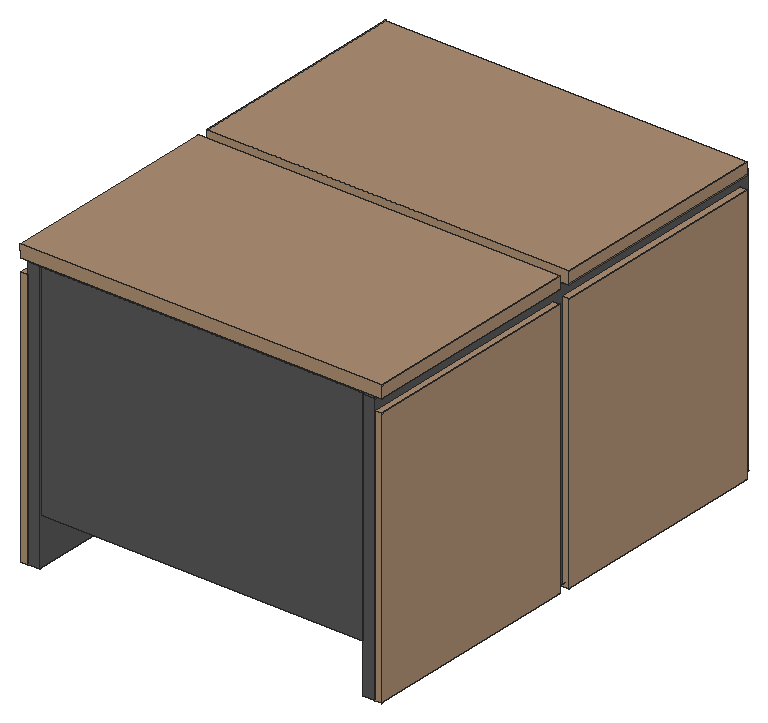
Revit family "Sanitary_Compound-Units_hansgrohe_54248XXX-Xilesa-E-Vanity-unit_480-380_2-drawers_handrise-basin", category Furniture, host Face, Revit 2022
Family settings
  Host = Face
  OmniClass Number = 23.21.19.15.33.13
  OmniClass Title = Residential Bathroom Specialty Casework
  Cut with Voids When Loaded = No
  Render Appearance Source = Family Geometry
  Shared = No
  Room Calculation Point = No
Parameters (values of type "550 Cashmere Oak")
  Version = 1  # constant formula
  URL = "https://www.hansgrohe.com/"
  Product data url = "https://www.bimobject.com/en/hansgrohe/product/54248XXX"
  Product Page URL = "https://www.hansgrohe.com/articledetail--54248550"
  Model = "54248XXX"  # constant formula
  Material 3 = Hansgrohe - Metal - Black
  Material 2 = Hansgrohe - MDF - Matt Black
  Material 1 = Hansgrohe - MDF - 550 Cashmere Oak
  Manufacturer = "Hansgrohe"  # constant formula
  Height = 0 mm
  Description = "Xilesa E Vanity unit 480/380 with 2 drawers for handrinse basin"  # constant formula
  Default Elevation = 0 mm
  Date Updated = ""
  Date Created = "2024/02/03"  # constant formula
Types (5, lengths in mm): name | Material 1
  (no name) | Hansgrohe - MDF - 550 Cashmere Oak
  550 Cashmere Oak | Hansgrohe - MDF - 550 Cashmere Oak
  700 Matt White | Hansgrohe - MDF - 700 Matt White
  760 Slate Matt Grey | Hansgrohe - MDF - 760 Slate Matt Grey
  780 Sand Matt Beige | Hansgrohe - MDF - 780 Sand Matt Beige
Reference planes
  plane 1 "Center (Front/Back)": y = 0
  plane 2: z = 0
  plane 3 "Center (Left/Right)": x = 0
  plane 4: x = -240
  plane 5: x = 240
  plane 6: y = -620
  plane 7: z = 378.104
Dimensions and locks
  aligned and locked: plane 2 to host face
  aligned and locked: level to host face
Nested families
  nested 1: "54248XXX" at (0, -620, 0) x (1, 0, 0) z (0, 1, 0), Material 1 <- "Material 1", Material 2 <- "Material 2", Material 3 <- "Material 3", type "54248XXX"
    with Material 3 Hansgrohe - Metal - Black, Material 2 Hansgrohe - MDF - Matt Black, Material 1 Hansgrohe - MDF - 550 Cashmere Oak
Definition of nested family "54248XXX"
  Parameters (values of type "54248XXX")
    Version = 1  # constant formula
    URL = "https://www.hansgrohe.com/"
    Product data url = "https://www.bimobject.com/en/hansgrohe/product/54248XXX"
    Product Page URL = "https://www.hansgrohe.com/articledetail--54248550"
    Model = "54248XXX"  # constant formula
    Material 3 [instance] = none
    Material 2 [instance] = none
    Material 1 [instance] = none
    Manufacturer = "Hansgrohe"  # constant formula
    Description = "Xilesa E Vanity unit 480/380 with 2 drawers for handrinse basin"  # constant formula
    Default Elevation = 1219.2 mm
    Date Updated = ""
    Date Created = "2024/12/16"  # constant formula
  Reference planes
    plane 1 "Center (Front/Back)": y = 0
    plane 2: z = 0
    plane 3 "Center (Left/Right)": x = 0
  Forms (mm)
    Extrusion 1, solid, material <- "Material 1", detail levels medium+fine
      sketch origin (0, 0, 0) x (1, 0, 0) y (0, 1, 0)
        loop
          line (-230.6, 0) -> (-239.2, 0)
          arc (-239.2, 0) -> (-239.766, -0.234) -> (-240, -0.8) r 0.8
          line (-240, -0.8) -> (-240, -343.9)
          arc (-240, -343.9) -> (-239.766, -344.466) -> (-239.2, -344.7) r 0.8
          line (-239.2, -344.7) -> (-230.6, -344.7)
          arc (-230.6, -344.7) -> (-230.034, -344.466) -> (-229.8, -343.9) r 0.8
          line (-229.8, -343.9) -> (-229.8, -0.8)
          arc (-229.8, -0.8) -> (-230.034, -0.234) -> (-230.6, 0) r 0.8
        loop
          arc (230.6, 0) -> (230.034, -0.234) -> (229.8, -0.8) r 0.8
          line (229.8, -0.8) -> (229.8, -343.9)
          arc (229.8, -343.9) -> (230.034, -344.466) -> (230.6, -344.7) r 0.8
          line (230.6, -344.7) -> (239.2, -344.7)
          arc (239.2, -344.7) -> (239.766, -344.466) -> (240, -343.9) r 0.8
          line (240, -343.9) -> (240, -0.8)
          arc (240, -0.8) -> (239.766, -0.234) -> (239.2, 0) r 0.8
          line (239.2, 0) -> (230.6, 0)
      from 0 to 295
    Extrusion 2, solid, material <- "Material 1", detail levels medium+fine
      sketch origin (0, 0, 0) x (1, 0, 0) y (0, 1, 0)
        loop
          line (-239.2, -378) -> (239.2, -378)
          arc (239.2, -378) -> (239.766, -377.766) -> (240, -377.2) r 0.8
          line (240, -377.2) -> (240, -362.5)
          arc (240, -362.5) -> (239.766, -361.934) -> (239.2, -361.7) r 0.8
          line (239.2, -361.7) -> (-239.2, -361.7)
          arc (-239.2, -361.7) -> (-239.766, -361.934) -> (-240, -362.5) r 0.8
          line (-240, -362.5) -> (-240, -377.2)
          arc (-240, -377.2) -> (-239.766, -377.766) -> (-239.2, -378) r 0.8
      from 0 to 295
    Extrusion 3, solid, material <- "Material 2", detail levels medium+fine
      sketch origin (0, 0, 0) x (1, 0, 0) y (0, 1, 0)
        loop
          line (-229.8, -0.8) -> (-229.8, -358.9)
          arc (-229.8, -358.9) -> (-229.566, -359.466) -> (-229, -359.7) r 0.8
          line (-229, -359.7) -> (-214.6, -359.7)
          arc (-214.6, -359.7) -> (-214.034, -359.466) -> (-213.8, -358.9) r 0.8
          line (-213.8, -358.9) -> (-213.8, -0.8)
          arc (-213.8, -0.8) -> (-214.034, -0.234) -> (-214.6, 0) r 0.8
          line (-214.6, 0) -> (-229, 0)
          arc (-229, 0) -> (-229.566, -0.234) -> (-229.8, -0.8) r 0.8
        loop
          arc (229.8, -0.8) -> (229.566, -0.234) -> (229, 0) r 0.8
          line (229, 0) -> (214.6, 0)
          arc (214.6, 0) -> (214.034, -0.234) -> (213.8, -0.8) r 0.8
          line (213.8, -0.8) -> (213.8, -358.9)
          arc (213.8, -358.9) -> (214.034, -359.466) -> (214.6, -359.7) r 0.8
          line (214.6, -359.7) -> (229, -359.7)
          arc (229, -359.7) -> (229.566, -359.466) -> (229.8, -358.9) r 0.8
          line (229.8, -358.9) -> (229.8, -0.8)
      from 0 to 620
    Extrusion 4, solid, material <- "Material 2", detail levels fine
      sketch origin (0, 0, 0) x (1, 0, 0) y (0, 1, 0)
        loop
          line (-213.8, -65.2) -> (-213.8, -81.2) -> (213.8, -81.2) -> (213.8, -65.2) -> (-213.8, -65.2)
      from 17 to 125
    Extrusion 5, solid, material <- "Material 2", detail levels fine
      sketch origin (0, 0, 0) x (1, 0, 0) y (0, 1, 0)
        loop
          line (-213.8, -64.7) -> (-213.8, -359.7) -> (213.8, -359.7) -> (213.8, -64.7) -> (-213.8, -64.7)
      from 1 to 17
    Extrusion 6, solid, material <- "Material 2", detail levels fine
      sketch origin (0, 0, 0) x (1, 0, 0) y (0, 1, 0)
        loop
          line (-212.3, -356.9) -> (-212.3, -329.2) -> (-213.8, -329.2) -> (-213.8, -356.9)
          arc (-213.8, -356.9) -> (-213.126, -358.527) -> (-211.5, -359.2) r 2.3
          line (-211.5, -359.2) -> (211.5, -359.2)
          arc (211.5, -359.2) -> (213.126, -358.527) -> (213.8, -356.9) r 2.3
          line (213.8, -356.9) -> (213.8, -329.2) -> (212.3, -329.2) -> (212.3, -356.9)
          arc (212.3, -356.9) -> (212.066, -357.466) -> (211.5, -357.7) r 0.8
          line (211.5, -357.7) -> (-211.5, -357.7)
          arc (-211.5, -357.7) -> (-212.066, -357.466) -> (-212.3, -356.9) r 0.8
      from 569.5 to 619.5
    Extrusion 7, solid, material <- "Material 3", detail levels fine
      sketch origin (0, 0, 1) x (1, 0, 0) y (0, 0, 1)
        loop
          line (198.3, 213.03) -> (198.3, 231.03) -> (183.3, 231.03) -> (183.3, 224.03) -> (192.95, 224.03) -> (192.95, 213.03) -> (198.3, 213.03)
      from 88.7 to 271.7
    Extrusion 8, solid, material <- "Material 3", detail levels fine
      sketch origin (0, 0, 1) x (1, 0, 0) y (0, 0, 1)
        loop
          line (200.05, 211.28) -> (200.05, 232.78) -> (181.55, 232.78) -> (181.55, 211.28) -> (200.05, 211.28)
      from 361.7 to 271.7
    Extrusion 9, solid, material <- "Material 3", detail levels fine
      sketch origin (0, 0, 1) x (1, 0, 0) y (0, 0, 1)
        loop
          line (-192.5, 223.8) -> (-192.5, 113.608) -> (-198.2, 97.947) -> (-198.2, 48) -> (-169.9, 48) -> (-169.9, 223.8) -> (-192.5, 223.8)
        loop
          line (192.5, 223.8) -> (169.9, 223.8) -> (169.9, 48) -> (198.2, 48) -> (198.2, 97.947) -> (192.5, 113.608) -> (192.5, 223.8)
      from 91.9 to 109.4
    Extrusion 10, void
      sketch origin (0, 0, 1) x (1, 0, 0) y (0, 0, 1)
        loop
          line (-191.5, 222.8) -> (-191.5, 113.431) -> (-197.2, 97.771) -> (-197.2, 49) -> (-170.9, 49) -> (-170.9, 222.8) -> (-191.5, 222.8)
        loop
          line (191.5, 222.8) -> (170.9, 222.8) -> (170.9, 49) -> (197.2, 49) -> (197.2, 97.771) -> (191.5, 113.431) -> (191.5, 222.8)
      from 91.9 to 108.7
    Extrusion 11, solid, material <- "Material 2", detail levels fine
      sketch origin (0, 0, 0) x (0, 1, 0) y (0, 0, 1)
        loop
          line (-92.7, 35.48) -> (-92.7, 114.5)
          arc (-92.7, 114.5) -> (-92.847, 114.854) -> (-93.2, 115) r 0.5
          line (-93.2, 115) -> (-108.2, 115)
          arc (-108.2, 115) -> (-108.554, 114.854) -> (-108.7, 114.5) r 0.5
          line (-108.7, 114.5) -> (-108.7, 35.48)
          arc (-108.7, 35.48) -> (-108.554, 35.126) -> (-108.2, 34.98) r 0.5
          line (-108.2, 34.98) -> (-93.2, 34.98)
          arc (-93.2, 34.98) -> (-92.847, 35.126) -> (-92.7, 35.48) r 0.5
      from -170 to 170
    Extrusion 12, solid, material <- "Material 3", detail levels fine
      sketch origin (0, 0, 1) x (-1, 0, 0) y (0, 0, -1)
        loop
          line (198.3, -213.03) -> (192.95, -213.03) -> (192.95, -224.03) -> (183.3, -224.03) -> (183.3, -231.03) -> (198.3, -231.03) -> (198.3, -213.03)
      from 88.7 to 271.7
    Extrusion 13, solid, material <- "Material 3", detail levels fine
      sketch origin (0, 0, 1) x (-1, 0, 0) y (0, 0, -1)
        loop
          line (200.05, -211.28) -> (181.55, -211.28) -> (181.55, -232.78) -> (200.05, -232.78) -> (200.05, -211.28)
      from 361.7 to 271.7
    Extrusion 14, solid, material <- "Material 1", detail levels coarse
      sketch origin (0, 0, 0) x (1, 0, 0) y (0, 1, 0)
        loop
          line (-240, -378) -> (240, -378) -> (240, 0) -> (213.8, 0) -> (213.8, -361.7) -> (-213.8, -361.7) -> (-213.8, 0) -> (-240, 0) -> (-240, -378)
      from 0 to 620
    Extrusion 15, solid, material <- "Material 1", detail levels medium+fine
      sketch origin (0, 0, 0) x (1, 0, 0) y (0, 1, 0)
        loop
          line (-230.6, 0) -> (-239.2, 0)
          arc (-239.2, 0) -> (-239.766, -0.234) -> (-240, -0.8) r 0.8
          line (-240, -0.8) -> (-240, -343.9)
          arc (-240, -343.9) -> (-239.766, -344.466) -> (-239.2, -344.7) r 0.8
          line (-239.2, -344.7) -> (-230.6, -344.7)
          arc (-230.6, -344.7) -> (-230.034, -344.466) -> (-229.8, -343.9) r 0.8
          line (-229.8, -343.9) -> (-229.8, -0.8)
          arc (-229.8, -0.8) -> (-230.034, -0.234) -> (-230.6, 0) r 0.8
        loop
          arc (230.6, 0) -> (230.034, -0.234) -> (229.8, -0.8) r 0.8
          line (229.8, -0.8) -> (229.8, -343.9)
          arc (229.8, -343.9) -> (230.034, -344.466) -> (230.6, -344.7) r 0.8
          line (230.6, -344.7) -> (239.2, -344.7)
          arc (239.2, -344.7) -> (239.766, -344.466) -> (240, -343.9) r 0.8
          line (240, -343.9) -> (240, -0.8)
          arc (240, -0.8) -> (239.766, -0.234) -> (239.2, 0) r 0.8
          line (239.2, 0) -> (230.6, 0)
      from 310 to 605
    Extrusion 16, solid, material <- "Material 1", detail levels medium+fine
      sketch origin (0, 0, 0) x (1, 0, 0) y (0, 1, 0)
        loop
          line (-239.2, -378) -> (239.2, -378)
          arc (239.2, -378) -> (239.766, -377.766) -> (240, -377.2) r 0.8
          line (240, -377.2) -> (240, -362.5)
          arc (240, -362.5) -> (239.766, -361.934) -> (239.2, -361.7) r 0.8
          line (239.2, -361.7) -> (-239.2, -361.7)
          arc (-239.2, -361.7) -> (-239.766, -361.934) -> (-240, -362.5) r 0.8
          line (-240, -362.5) -> (-240, -377.2)
          arc (-240, -377.2) -> (-239.766, -377.766) -> (-239.2, -378) r 0.8
      from 310 to 605
    Extrusion 17, solid, material <- "Material 2", detail levels fine
      sketch origin (0, 0, 311) x (1, 0, 0) y (0, 0, 1)
        loop
          line (-172.898, 33.98) -> (172.898, 33.98) -> (172.898, 48.98) -> (-172.898, 48.98) -> (-172.898, 33.98)
      from 108.7 to 361.7
    Extrusion 18, solid, material <- "Material 3", detail levels fine
      sketch origin (0, 0, 311) x (1, 0, 0) y (0, 0, 1)
        loop
          line (198.3, 213.03) -> (198.3, 231.03) -> (183.3, 231.03) -> (183.3, 224.03) -> (192.95, 224.03) -> (192.95, 213.03) -> (198.3, 213.03)
      from 88.7 to 271.7
    Extrusion 19, solid, material <- "Material 3", detail levels fine
      sketch origin (0, 0, 311) x (1, 0, 0) y (0, 0, 1)
        loop
          line (200.05, 211.28) -> (200.05, 232.78) -> (181.55, 232.78) -> (181.55, 211.28) -> (200.05, 211.28)
      from 361.7 to 271.7
    Extrusion 20, solid, material <- "Material 3", detail levels fine
      sketch origin (0, 0, 311) x (1, 0, 0) y (0, 0, 1)
        loop
          line (-192.5, 223.8) -> (-192.5, 113.608) -> (-198.2, 97.947) -> (-198.2, 48) -> (-169.9, 48) -> (-169.9, 223.8) -> (-192.5, 223.8)
        loop
          line (192.5, 223.8) -> (169.9, 223.8) -> (169.9, 48) -> (198.2, 48) -> (198.2, 97.947) -> (192.5, 113.608) -> (192.5, 223.8)
      from 91.9 to 109.4
    Extrusion 21, void
      sketch origin (0, 0, 311) x (1, 0, 0) y (0, 0, 1)
        loop
          line (-191.5, 222.8) -> (-191.5, 113.431) -> (-197.2, 97.771) -> (-197.2, 49) -> (-170.9, 49) -> (-170.9, 222.8) -> (-191.5, 222.8)
        loop
          line (191.5, 222.8) -> (170.9, 222.8) -> (170.9, 49) -> (197.2, 49) -> (197.2, 97.771) -> (191.5, 113.431) -> (191.5, 222.8)
      from 91.9 to 108.7
    Extrusion 22, solid, material <- "Material 3", detail levels fine
      sketch origin (0, 0, 311) x (-1, 0, 0) y (0, 0, -1)
        loop
          line (198.3, -213.03) -> (192.95, -213.03) -> (192.95, -224.03) -> (183.3, -224.03) -> (183.3, -231.03) -> (198.3, -231.03) -> (198.3, -213.03)
      from 88.7 to 271.7
    Extrusion 23, solid, material <- "Material 3", detail levels fine
      sketch origin (0, 0, 311) x (-1, 0, 0) y (0, 0, -1)
        loop
          line (200.05, -211.28) -> (181.55, -211.28) -> (181.55, -232.78) -> (200.05, -232.78) -> (200.05, -211.28)
      from 361.7 to 271.7
    Extrusion 24, solid, material <- "Material 2", detail levels fine
      sketch origin (0, 0, 0) x (1, 0, 0) y (0, 1, 0)
        loop
          line (-212.3, -356.9) -> (-212.3, -329.2) -> (-213.8, -329.2) -> (-213.8, -356.9)
          arc (-213.8, -356.9) -> (-213.126, -358.527) -> (-211.5, -359.2) r 2.3
          line (-211.5, -359.2) -> (211.5, -359.2)
          arc (211.5, -359.2) -> (213.126, -358.527) -> (213.8, -356.9) r 2.3
          line (213.8, -356.9) -> (213.8, -329.2) -> (212.3, -329.2) -> (212.3, -356.9)
          arc (212.3, -356.9) -> (212.066, -357.466) -> (211.5, -357.7) r 0.8
          line (211.5, -357.7) -> (-211.5, -357.7)
          arc (-211.5, -357.7) -> (-212.066, -357.466) -> (-212.3, -356.9) r 0.8
      from 277 to 327
    Extrusion 25, solid, material <- "Material 3", detail levels fine
      sketch origin (0, 0, 1) x (1, 0, 0) y (0, 0, 1)
        loop
          line (202.091, 33.98) -> (202.091, 115.48) -> (183.591, 115.48) -> (182.786, 100.114) -> (180.22, 99.98) -> (177.791, 53.623)
          arc (177.791, 53.623) -> (176.271, 50.325) -> (172.898, 48.98) r 4.9
          line (172.898, 48.98) -> (172.898, 33.98) -> (202.091, 33.98)
        loop
          line (-202.091, 33.98) -> (-172.898, 33.98) -> (-172.898, 48.98)
          arc (-172.898, 48.98) -> (-176.271, 50.325) -> (-177.791, 53.623) r 4.9
          line (-177.791, 53.623) -> (-180.22, 99.98) -> (-182.786, 100.114) -> (-183.591, 115.48) -> (-202.091, 115.48) -> (-202.091, 33.98)
      from 108.7 to 361.7
    Extrusion 26, solid, material <- "Material 2", detail levels fine
      sketch origin (0, 0, 310) x (0, 1, 0) y (0, 0, 1)
        loop
          line (-92.7, 35.48) -> (-92.7, 114.5)
          arc (-92.7, 114.5) -> (-92.847, 114.854) -> (-93.2, 115) r 0.5
          line (-93.2, 115) -> (-108.2, 115)
          arc (-108.2, 115) -> (-108.554, 114.854) -> (-108.7, 114.5) r 0.5
          line (-108.7, 114.5) -> (-108.7, 35.48)
          arc (-108.7, 35.48) -> (-108.554, 35.126) -> (-108.2, 34.98) r 0.5
          line (-108.2, 34.98) -> (-93.2, 34.98)
          arc (-93.2, 34.98) -> (-92.847, 35.126) -> (-92.7, 35.48) r 0.5
      from -170 to 170
    Extrusion 27, solid, material <- "Material 3", detail levels fine
      sketch origin (0, 0, 311) x (1, 0, 0) y (0, 0, 1)
        loop
          line (202.091, 33.98) -> (202.091, 115.48) -> (183.591, 115.48) -> (182.786, 100.114) -> (180.22, 99.98) -> (177.791, 53.623)
          arc (177.791, 53.623) -> (176.271, 50.325) -> (172.898, 48.98) r 4.9
          line (172.898, 48.98) -> (172.898, 33.98) -> (202.091, 33.98)
        loop
          line (-202.091, 33.98) -> (-172.898, 33.98) -> (-172.898, 48.98)
          arc (-172.898, 48.98) -> (-176.271, 50.325) -> (-177.791, 53.623) r 4.9
          line (-177.791, 53.623) -> (-180.22, 99.98) -> (-182.786, 100.114) -> (-183.591, 115.48) -> (-202.091, 115.48) -> (-202.091, 33.98)
      from 108.7 to 361.7
    Extrusion 28, solid, material <- "Material 2", detail levels fine
      sketch origin (0, 0, 1) x (1, 0, 0) y (0, 0, 1)
        loop
          line (-172.898, 33.98) -> (172.898, 33.98) -> (172.898, 48.98) -> (-172.898, 48.98) -> (-172.898, 33.98)
      from 108.7 to 361.7
  Cuts and joins
    Extrusion 10 cuts Extrusion 9
    Extrusion 21 cuts Extrusion 20
  Lines and regions (mm)
    Masking region 1
      outline origin (0, 0, 0) x (1, 0, 0) y (0, 1, 0)
        loop
          line (-240, -0.8) -> (-240, -343.9)
          arc (-240, -343.9) -> (-239.766, -344.466) -> (-239.2, -344.7) r 0.8
          line (-239.2, -344.7) -> (-230.6, -344.7)
          arc (-230.6, -344.7) -> (-230.034, -344.466) -> (-229.8, -343.9) r 0.8
          line (-229.8, -343.9) -> (-229.8, -361.7) -> (-239.2, -361.7)
          arc (-239.2, -361.7) -> (-239.766, -361.934) -> (-240, -362.5) r 0.8
          line (-240, -362.5) -> (-240, -377.2)
          arc (-240, -377.2) -> (-239.766, -377.766) -> (-239.2, -378) r 0.8
          line (-239.2, -378) -> (0, -378) -> (239.2, -378)
          arc (239.2, -378) -> (239.766, -377.766) -> (240, -377.2) r 0.8
          line (240, -377.2) -> (240, -362.5)
          arc (240, -362.5) -> (239.766, -361.934) -> (239.2, -361.7) r 0.8
          line (239.2, -361.7) -> (229.8, -361.7) -> (229.8, -343.9)
          arc (229.8, -343.9) -> (230.034, -344.466) -> (230.6, -344.7) r 0.8
          line (230.6, -344.7) -> (239.2, -344.7)
          arc (239.2, -344.7) -> (239.766, -344.466) -> (240, -343.9) r 0.8
          line (240, -343.9) -> (240, -0.8)
          arc (240, -0.8) -> (239.766, -0.234) -> (239.2, 0) r 0.8
          line (239.2, 0) -> (230.6, 0)
          arc (230.6, 0) -> (230.034, -0.234) -> (229.8, -0.8) r 0.8
          arc (229.8, -0.8) -> (229.566, -0.234) -> (229, 0) r 0.8
          line (229, 0) -> (214.6, 0)
          arc (214.6, 0) -> (214.034, -0.234) -> (213.8, -0.8) r 0.8
          line (213.8, -0.8) -> (213.8, -64.7) -> (0, -64.7) -> (-213.8, -64.7) -> (-213.8, -0.8)
          arc (-213.8, -0.8) -> (-214.034, -0.234) -> (-214.6, 0) r 0.8
          line (-214.6, 0) -> (-229, 0)
          arc (-229, 0) -> (-229.566, -0.234) -> (-229.8, -0.8) r 0.8
          arc (-229.8, -0.8) -> (-230.034, -0.234) -> (-230.6, 0) r 0.8
          line (-230.6, 0) -> (-239.2, 0)
          arc (-239.2, 0) -> (-239.766, -0.234) -> (-240, -0.8) r 0.8
    Masking region 2
      outline origin (0, 0, 0) x (0, 1, 0) y (0, 0, 1)
        loop
          line (-359.7, 620) -> (-359.7, 543.78) -> (-361.7, 543.78) -> (-361.7, 605) -> (-378, 605) -> (-378, 310) -> (-361.7, 310) -> (-361.7, 344.98) -> (-359.7, 344.98) -> (-359.7, 233.78) -> (-361.7, 233.78) -> (-361.7, 295) -> (-378, 295) -> (-378, 0) -> (-361.7, 0) -> (-361.7, 34.98) -> (-359.7, 34.98) -> (-359.7, 0) -> (0, 0) -> (0, 620) -> (-359.7, 620)
    Masking region 3
      outline origin (0, 0, 0) x (1, 0, 0) y (0, 0, 1)
        loop
          line (-240, 605) -> (-240, 310) -> (-229.8, 310) -> (-229.8, 295) -> (-240, 295) -> (-240, 0) -> (0, 0) -> (240, 0) -> (240, 295) -> (229.8, 295) -> (229.8, 310) -> (240, 310) -> (240, 605) -> (229.8, 605) -> (229.8, 620) -> (0, 620) -> (-229.8, 620) -> (-229.8, 605) -> (-240, 605)
    symbolic lines, detail levels medium+fine
      curve 1: line (-229.8, -361.7, 0) -> (0, -361.7, 0)
      curve 2: line (-213.8, -64.7, 0) -> (-213.8, -361.7, 0)
      curve 3: line (-229.8, -0.8, 0) -> (-229.8, -343.9, 0)
      curve 4: line (-213.8, -81.2, 0) -> (0, -81.2, 0)
      curve 25: line (229.8, -361.7, 0) -> (0, -361.7, 0)
      curve 26: line (213.8, -64.7, 0) -> (213.8, -361.7, 0)
      curve 27: line (229.8, -0.8, 0) -> (229.8, -343.9, 0)
      curve 28: line (213.8, -81.2, 0) -> (0, -81.2, 0)
      curve 49: line (0, -361.7, 33.98) -> (0, -361.7, 233.78)
      curve 50: line (0, -359.7, 543.78) -> (0, -359.7, 344.98)
      curve 53: line (0, -361.7, 212.28) -> (0, -359.7, 212.28)
      curve 54: line (0, -361.7, 116.48) -> (0, -359.7, 116.48)
      curve 55: line (-229.8, 0, 605) -> (229.8, 0, 605)
      curve 56: line (-213.8, 0, 620) -> (-213.8, 0, 605)
      curve 57: line (213.8, 0, 620) -> (213.8, 0, 605)
      curve 62: line (0, -361.7, 344.98) -> (0, -361.7, 543.78)
      curve 63: line (0, -359.7, 233.78) -> (0, -359.7, 33.98)
      curve 65: line (-229.8, 0, 310) -> (229.8, 0, 310)
      curve 66: line (229.8, 0, 295) -> (-229.8, 0, 295)
    symbolic lines, detail levels fine
      curve 5: line (-202.091, -81.2, 0) -> (-202.091, -357.7, 0)
      curve 6: line (-180.22, -81.2, 0) -> (-180.22, -91.9, 0)
      curve 7: line (0, -91.9, 0) -> (-183.3, -91.9, 0)
      curve 8: line (-183.3, -109.4, 0) -> (0, -109.4, 0)
      curve 9: line (-198.3, -88.7, 0) -> (-198.3, -271.7, 0)
      curve 10: line (-183.3, -88.7, 0) -> (-198.3, -88.7, 0)
      curve 11: line (-200.05, -271.7, 0) -> (-200.05, -357.7, 0)
      curve 12: line (-200.05, -271.7, 0) -> (-181.55, -271.7, 0)
      curve 13: line (-181.55, -271.7, 0) -> (-181.55, -357.7, 0)
      curve 14: line (0, -357.7, 0) -> (-211.5, -357.7, 0)
      curve 15: arc (-211.5, -357.7, 0) -> (-212.066, -357.466, 0) -> (-212.3, -356.9, 0) r 0.8
      curve 16: line (-212.3, -356.9, 0) -> (-212.3, -329.2, 0)
      curve 17: line (-212.3, -329.2, 0) -> (-213.8, -329.2, 0)
      curve 18: arc (-213.8, -356.9, 0) -> (-213.126, -358.527, 0) -> (-211.5, -359.2, 0) r 2.3
      curve 19: line (-211.5, -359.2, 0) -> (0, -359.2, 0)
      curve 20: line (-202.091, -359.2, 0) -> (-202.091, -361.7, 0)
      curve 21: line (-200.05, -359.2, 0) -> (-200.05, -361.7, 0)
      curve 22: line (-183.3, -271.7, 0) -> (-183.3, -88.7, 0)
      curve 23: line (-181.55, -359.2, 0) -> (-181.55, -361.7, 0)
      curve 24: line (-180.22, -359.2, 0) -> (-180.22, -361.7, 0)
      curve 29: line (202.091, -81.2, 0) -> (202.091, -357.7, 0)
      curve 30: line (180.22, -81.2, 0) -> (180.22, -91.9, 0)
      curve 31: line (0, -91.9, 0) -> (183.3, -91.9, 0)
      curve 32: line (183.3, -109.4, 0) -> (0, -109.4, 0)
      curve 33: line (198.3, -88.7, 0) -> (198.3, -271.7, 0)
      curve 34: line (183.3, -88.7, 0) -> (198.3, -88.7, 0)
      curve 35: line (200.05, -271.7, 0) -> (200.05, -357.7, 0)
      curve 36: line (200.05, -271.7, 0) -> (181.55, -271.7, 0)
      curve 37: line (181.55, -271.7, 0) -> (181.55, -357.7, 0)
      curve 38: line (0, -357.7, 0) -> (211.5, -357.7, 0)
      curve 39: arc (211.5, -357.7, 0) -> (212.066, -357.466, 0) -> (212.3, -356.9, 0) r 0.8
      curve 40: line (212.3, -356.9, 0) -> (212.3, -329.2, 0)
      curve 41: line (212.3, -329.2, 0) -> (213.8, -329.2, 0)
      curve 42: arc (213.8, -356.9, 0) -> (213.126, -358.527, 0) -> (211.5, -359.2, 0) r 2.3
      curve 43: line (211.5, -359.2, 0) -> (0, -359.2, 0)
      curve 44: line (202.091, -359.2, 0) -> (202.091, -361.7, 0)
      curve 45: line (200.05, -359.2, 0) -> (200.05, -361.7, 0)
      curve 46: line (183.3, -271.7, 0) -> (183.3, -88.7, 0)
      curve 47: line (181.55, -359.2, 0) -> (181.55, -361.7, 0)
      curve 48: line (180.22, -359.2, 0) -> (180.22, -361.7, 0)
      curve 51: line (0, 0, 605) -> (0, -344.7, 605)
      curve 52: line (0, -344.7, 605) -> (0, -344.7, 310)
      curve 58: line (0, -344.7, 310) -> (0, 0, 310)
      curve 59: line (0, 0, 295) -> (0, -344.7, 295)
      curve 60: line (0, -344.7, 295) -> (0, -344.7, 0)
      curve 61: line (0, -361.7, 522.28) -> (0, -359.7, 522.28)
      curve 64: line (0, -359.7, 426.5) -> (0, -361.7, 426.5)
      curve 67: line (180.22, -109.4, 0) -> (180.22, -357.7, 0)
      curve 68: line (-180.22, -109.4, 0) -> (-180.22, -357.7, 0)
  Dimensions and locks
    aligned and locked: level to plane 2
